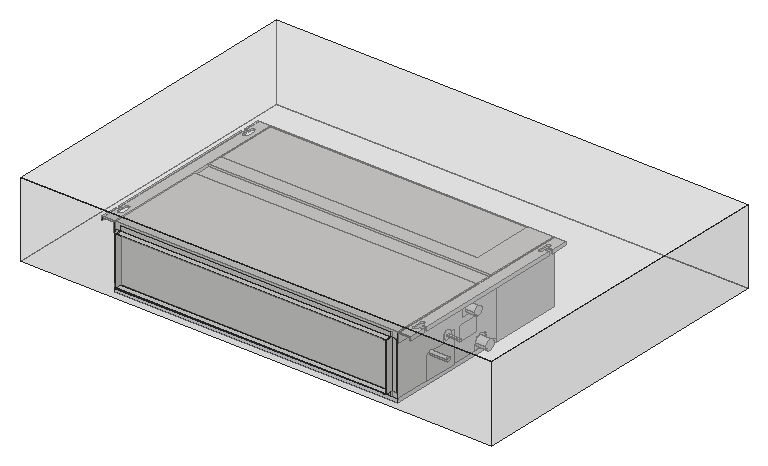
Revit family "outputfile", category 機械設備, Revit 2024
Family settings
  丸型コネクタ寸法 = 半径を使用
  パーツ タイプ = 標準
  OmniClass 番号 = 23.75.10.24.21.27.27
  OmniClass タイトル = Split System Air Conditioning Units
  作業面ベース = いいえ
  常に垂直 = はい
  ロード時にボイドで切り取り = いいえ
  注釈の向きを維持 = いいえ
  共有 = いいえ
  部屋計算ポイント = はい
Parameters (values of type "FXDQ50NDVE4")
  Description = ""
  製造元 = "Daikin"
  書き出し IFC クラス(タイプ) = "IfcUnitaryEquipmentType"
  定義済み IFC タイプ(タイプ) = "AIRCONDITIONINGUNIT"
  Cost = 0
  モデル = "FXDQ50NDVE4"
  Type Comments = ""
  Keynote = ""
  Type Image = (empty or 0)
  Assembly Code = ""
  w_pipe = 33.0 mm
  r_Liquid Pipe Size = Liquid Pipe Size / 2  # 3.2 mm
  r_Gas Pipe Size = Gas Pipe Size / 2  # 6.35 mm
  r_Drain Pipe Size = Drain Pipe Size / 2  # 10.0 mm
  lw_powersupply = 404.0 mm
  lw_ductflange2 = 820.0 mm
  lw_Width = 860.0 mm
  lh_suctionflange [instance] = if(Rear Connection_Return Air, 100.0 mm + [h***], 190.0 mm + [h***])  # 100.0 mm
  ld_suctionflange [instance] = if(Rear Connection_Return Air, 190.0 mm, 100.0 mm)  # 190.0 mm
  ld_powersupply = 60.0 mm
  angle_vertical_RA [instance] = if(Rear Connection_Return Air, 90.00°, 0.00°)  # 90.00°
  angle horizontal_RA [instance] = if(Rear Connection_Return Air, 180.00°, 270.00°)  # 180.00°
  Voltage_comment_60Hz = "220"
  Voltage_comment_50Hz = "220-240"
  Voltage_60Hz = 220 V
  Voltage_50Hz = 220 V
  URL = ""
  Supply Air Direction [instance] = yes
  Sound Power Level_H speed (dB) = 58
  Rear Connection_Return Air [instance] = not(Bottom Connection_Return Air)  # yes
  RA_length = 190.0 mm  # constant formula
  Phase_60Hz = 1
  Phase_50Hz = 1
  Minimum External Static Pressure = 15.00 Pa
  Minimum Circuit Amps_60Hz = 1.3 A
  Minimum Circuit Amps_50Hz = 1.0 A
  Maximum Fuse Amps_60Hz = 16.0 A
  Maximum Fuse Amps_50Hz = 16.0 A
  Maximum External Static Pressure = 44.00 Pa
  Material_Casing = DAIKIN_GalvanizedSteel_Casing_indoorunit
  lw_liquidpipe = 46.0 mm  # constant formula
  lw_gaspipe = 57.0 mm  # constant formula
  lw_mountinghole_pitch = 940.0 mm
  lw_mountinghole = 20.0 mm  # constant formula
  lw_drainpipe = 33.0 mm  # constant formula
  lh_powersupply = 10.0 mm
  lh_liquidpipe = 110.0 mm
  lh_gaspipe = 87.0 mm
  lh_mountinghole = Height + [h***]  # 200.0 mm
  lh_drainpipe = 150.0 mm
  lh_antena = 1.0 mm  # constant formula
  ld_liquidpipe = 193.0 mm  # constant formula
  ld_gaspipe = 130.0 mm  # constant formula
  ld_mountinghole_pitch = 0.0 mm  # constant formula
  ld_drainpipe = 280.0 mm
  ld_controlbox = 626.0 mm  # constant formula
  h*** = 0.0 mm  # constant formula
  d_dischargeflange = 21.2 mm  # constant formula
  Width = 900.0 mm
  Version = "ver.1.0"
  Unit Type = "Slim Duct (Standard) Type"
  Unit Mass Weight = 28.00 kg
  Unit Designation [instance] = ""
  Uniclass2015Version = "Products v1.30"
  Uniclass2015Title = "Variable refrigerant flow units"
  Uniclass2015Code = "Pr_70_65_03_94"
  Total Heating Capacity [instance] = 0.000 kW
  Total Cooling Capacity [instance] = 0.000 kW
  Sound Pressure Level_M speed (dBA) = 0
  Sound Pressure Level_L speed (dBA) = 27
  Sound Pressure Level_H speed (dBA) = 33
  Series = "VRV Fan Coil Unit"
  Sensible Cooling Capacity [instance] = 0.000 kW
  SA Duct Size Width = 860.0 mm
  SA Duct Size Height = 153.0 mm
  Refrigerant Type = "R410A"
  RA Duct Size Width = 800.0 mm
  RA Duct Size Height = 180.0 mm
  Power Input (Heating) = 0.152 kW
  Power Input (Cooling) = 0.165 kW
  Option Accessory 3 [instance] = ""
  Option Accessory 2 [instance] = ""
  Option Accessory 1 [instance] = ""
  Nominal Heating Capacity = 6.300 kW
  Nominal Cooling Capacity = 5.600 kW
  Minimum Airflow = 600.00 m³/h
  Median Airflow = 660.00 m³/h
  Maximum Airflow = 750.00 m³/h
  Load Classification = HVAC
  Liquid Pipe Size = 6.4 mm
  Link_Nested Family [instance] = ""
  IfcVersion = "0"
  IfcExportType = "AIRCONDITIONINGUNIT"
  IfcExportAs = "IfcUnitaryEquipmentType"
  Height = 200.0 mm
  Heating Entering Wet Bulb Temperature [instance] = 0.00 °C
  Heating Entering Dry Bulb Temperature [instance] = 0.00 °C
  Heating Ambient Wet Bulb Temperature [instance] = 0.00 °C
  Heating Ambient Dry Bulb Temperature [instance] = 0.00 °C
  Heat Exchanger Type = "Cross Fin Coil"
  Gas Pipe Size = 12.7 mm
  Frequency_60Hz = 60 Hz
  Frequency_50Hz = 50 Hz
  Fan Type = "Sirocco Fan"
  Fan Drive = "Direct Drive"
  FCU Tag No. [instance] = ""
  Drain Pipe Size = 20.0 mm
  Design Supply Airflow [instance] = 0.00 m³/h
  Design Return Airflow [instance] = 0.00 m³/h
  Design External Static Pressure [instance] = 0.00 Pa
  Depth = 620.0 mm
  既定の高さ = 0.0 mm
  Cooling Entering Wet Bulb Temperature [instance] = 0.00 °C
  Cooling Entering Dry Bulb Temperature [instance] = 0.00 °C
  Cooling Ambient Wet Bulb Temperature [instance] = 0.00 °C
  Cooling Ambient Dry Bulb Temperature [instance] = 0.00 °C
  Clearance visibility [instance] = yes
  Clearance Top = 20.0 mm
  Clearance Right = 300.0 mm
  Clearance Rear = 400.0 mm
  Clearance Left = 300.0 mm
  Clearance Front = 0.0 mm
  Clearance Bottom = 20.0 mm
  Bottom Connection_Return Air [instance] = no
Reference planes
  plane 1 "Center (Front/Back)": y = 0
  plane 2: z = 0
  plane 3 "Center (Left/Right)": x = 0
  plane 4 "Back": y = 310
  plane 5 "Front": y = -310
  plane 6 "Left": x = -450
  plane 7 "Right": x = 450
  plane 8 "Top": z = 0
  plane 9 "Bottom": z = -200
  plane 10: x = 330
  plane 11: x = -330
  plane 12: z = -190
  plane 13: z = -6
  plane 14: z = -22
  plane 15: z = -90
  plane 16: z = -113
  plane 17: x = -304
  plane 18: x = 304
  plane 19: x = -470
  plane 20: x = 470
  plane 21: y = 250
  plane 22: y = 250
  plane 23: x = -490
  plane 24: x = 390
  plane 25: x = 496
  plane 26: x = 507
  plane 27: x = 483
  plane 28: z = 0
  plane 29: z = -50
  plane 30 "Clearance Left": x = -750
  plane 31 "Clearance Right": x = 750
  plane 32 "Clearance Rear": y = 710
  plane 33 "Clearance Front": y = -310
  plane 34 "Clearance Top": z = 20
  plane 35 "Clearance Bottom": z = -220
  plane 36: z = -21
  plane 37: z = -170
  plane 38: z = -96.5
  plane 39: x = -40
  plane 40: y = -180
  plane 41: y = -117
  plane 42: y = -30
  plane 43: y = 20
  plane 44: z = -97.5
  plane 45: y = -309
  plane 46: x = -449
  plane 47: z = -100
  plane 48: z = -30
  plane 49: y = 210
  plane 50: z = 301
  plane 51: z = -199
  plane 52: y = 120
  plane 53: z = -101
  plane 54: x = 480
  plane 55: x = 445
  plane 56: x = 455
  plane 57: x = 451
  plane 58: x = 369
  plane 59: x = 449.004
  plane 60: x = -449
  plane 61: x = 404
  plane 62: z = -189
Forms (mm)
  Extrusion 1, solid
    sketch origin (0, 0, 0) x (1, 0, 0) y (0, 0, 1)
      loop
        line (-450, -190) -> (-450, -200) -> (450, -200) -> (450, -190) -> (-450, -190)
    from -84 to 310
  Extrusion 2, solid, material "DAIKIN_GalvanizedSteel_Casing_indoorunit" <- "Material_Casing"
    sketch origin (0, 0, 0) x (1, 0, 0) y (0, 1, 0)
      loop
        line (-450, -309) -> (450, -309) -> (450, 310) -> (-450, 310) -> (-450, -309)
    from -200 to 0
  Extrusion 3, void
    sketch origin (0, 0, 1) x (1, 0, 0) y (0, 1, 0)
      loop
        line (-450, 62.179) -> (-450, 4.179) -> (450, 4.179) -> (450, 62.179) -> (-450, 62.179)
    from -1 to -7
  Extrusion 4, void
    sketch origin (0, 0, 0) x (0, 1, 0) y (0, 0, 1)
      loop
        line (-5, -190) -> (45, -190) -> (45, -170)
        arc (45, -170) -> (20, -145) -> (-5, -170) r 25
        line (-5, -170) -> (-5, -190)
    from 450 to 445
  Revolve 5, solid, material "DAIKIN_GalvanizedSteel_Casing_indoorunit" <- "Material_Casing"
    sketch origin (0, 0, -113) x (0, -1, 0) y (1, 0, 0)
      loop
        line (173.65, 451) -> (180, 451) -> (180, 507) -> (173.65, 507) -> (173.65, 451)
      axis (180, 451) -> (180, 507)
    angle from 0 to 360
  Revolve 6, solid, material "DAIKIN_GalvanizedSteel_Casing_indoorunit" <- "Material_Casing"
    sketch origin (0, 0, -90) x (0, -1, 0) y (1, 0, 0)
      loop
        line (117, 451) -> (117, 496) -> (113.8, 496) -> (113.8, 451) -> (117, 451)
      axis (117, 496) -> (117, 451)
    angle from 0 to 360
  Extrusion 7, solid, material "DAIKIN_GalvanizedSteel_Casing_indoorunit" <- "Material_Casing"
    sketch origin (0, 0, 0) x (0, 1, 0) y (0, 0, 1)
      loop
        circle (-116, -90) r 12.7
    from 450 to 455
  Extrusion 8, solid, material "DAIKIN_GalvanizedSteel_Casing_indoorunit" <- "Material_Casing"
    sketch origin (0, 0, 0) x (0, 1, 0) y (0, 0, 1)
      loop
        circle (20, -170) r 15
    from 480 to 445
  Extrusion 9, solid, material "DAIKIN_GalvanizedSteel_Casing_indoorunit" <- "Material_Casing"
    sketch origin (0, 0, 0) x (0, 1, 0) y (0, 0, 1)
      loop
        line (-52, -30) -> (-52, -70) -> (-11, -70) -> (-11, -30) -> (-52, -30)
    from 450 to 451
  Extrusion 10, solid, material "DAIKIN_GalvanizedSteel_Casing_indoorunit" <- "Material_Casing"
    sketch origin (0, 0, 0) x (0, 1, 0) y (0, 0, 1)
      loop
        circle (-30, -50.064) r 13
    from 450 to 483
  Extrusion 11, solid, material "DAIKIN_GalvanizedSteel_Casing_indoorunit" <- "Material_Casing"
    sketch origin (0, 0, 0) x (0, 1, 0) y (0, 0, 1)
      loop
        line (-63.609, -90) -> (-63.609, -136) -> (0.391, -136) -> (0.391, -90) -> (-63.609, -90)
    from 450 to 451
  Extrusion 12, solid, material "DAIKIN_GalvanizedSteel_Casing_indoorunit" <- "Material_Casing"
    sketch origin (0, 0, 0) x (1, 0, 0) y (0, 0, 1)
      loop
        line (-450, -190) -> (-450, -200) -> (450, -200) -> (450, -190) -> (-450, -190)
    from -84 to 310
  Extrusion 13, solid, material "DAIKIN_GalvanizedSteel_Casing_indoorunit" <- "Material_Casing", visible <- "Bottom Connection_Return Air"
    sketch origin (0, 0, 0) x (1, 0, 0) y (0, 0, 1)
      loop
        line (369, -200) -> (369, -1) -> (-449, -1) -> (-449, -200) -> (369, -200)
    from -310 to -309
  Extrusion 14, void
    sketch origin (0, 0, 0) x (1, 0, 0) y (0, 0, 1)
      loop
        line (369, 0) -> (-449, 0) -> (-449, -1) -> (369, -1) -> (369, 0)
    from -310 to -111
  Extrusion 15, solid, material "DAIKIN_GalvanizedSteel_Casing_indoorunit" <- "Material_Casing", visible <- "Rear Connection_Return Air"
    sketch origin (0, 0, 0) x (1, 0, 0) y (0, 1, 0)
      loop
        line (-449, 310) -> (-449, 111) -> (369, 111) -> (369, 310) -> (-449, 310)
    from -200 to -199
  Extrusion 16, solid, material "DAIKIN_GalvanizedSteel_Casing_indoorunit" <- "Material_Casing"
    sketch origin (0, 0, 0) x (0, 1, 0) y (0, 0, 1)
      loop
        line (-194, -113) -> (-194, -190) -> (-88.3, -190) -> (-88.3, -90) -> (-103.3, -90)
        arc (-103.3, -90) -> (-116, -102.7) -> (-128.7, -90) r 12.7
        line (-128.7, -90) -> (-128.7, -113) -> (-173.65, -113)
        arc (-173.65, -113) -> (-180, -119.35) -> (-186.35, -113) r 6.35
        line (-186.35, -113) -> (-194, -113)
    from 451 to 450
  Extrusion 17, solid, material "DAIKIN_GalvanizedSteel_Casing_indoorunit" <- "Material_Casing"
    sketch origin (0, 0, 0) x (0, 1, 0) y (0, 0, 1)
      loop
        line (84, -199) -> (310, -199) -> (310, -22) -> (91, -22) -> (84, -29) -> (84, -199)
    from 451 to 450
Cuts and joins
  Extrusion 3, Extrusion 4, Extrusion 14 cuts Extrusion 2
  Extrusion 4 cuts Extrusion 1
  Extrusion 14 cuts Extrusion 12
Dimensions and locks
  "lh_powersupply": plane 12 to plane 9 "Bottom"
  locked: plane 8 "Top" to plane 13 at 6
  "Height": plane 8 "Top" to plane 9 "Bottom"
  equal spacing: plane 17, plane 3 "Center (Left/Right)", plane 18, locked at 304 each
  locked: plane 17 to plane 18 at 608
  equal spacing: plane 19, plane 3 "Center (Left/Right)", plane 20
  "lw_mountinghole_pitch": plane 19 to plane 20
  locked: plane 14 to plane 9 "Bottom" at 178
  "lw_mountinghole": plane 23 to plane 19
  "lh_liquidpipe": plane 15 to plane 9 "Bottom"
  "lh_gaspipe": plane 16 to plane 9 "Bottom"
  "lh_mountinghole": plane 28 to plane 9 "Bottom"
  "ld_mountinghole_pitch": plane 22 to plane 21
  equal spacing: plane 6 "Left", plane 3 "Center (Left/Right)", plane 7 "Right"
  "Width": plane 6 "Left" to plane 7 "Right"
  "lh_drainpipe": plane 29 to plane 9 "Bottom"
  "Clearance Right": plane 7 "Right" to plane 31 "Clearance Right"
  "Clearance Left": plane 30 "Clearance Left" to plane 6 "Left"
  "lw_gaspipe": plane 7 "Right" to plane 26
  "lw_liquidpipe": plane 7 "Right" to plane 25
  "lw_drainpipe": plane 7 "Right" to plane 27
  "Clearance Rear": plane 32 "Clearance Rear" to plane 4 "Back"
  "Clearance Front": plane 5 "Front" to plane 33 "Clearance Front"
  "Clearance Top": plane 34 "Clearance Top" to plane 8 "Top"
  "Clearance Bottom": plane 9 "Bottom" to plane 35 "Clearance Bottom"
  "ld_powersupply": plane 4 "Back" to plane 22
  locked: plane 8 "Top" to plane 36 at 21
  locked: plane 8 "Top" to plane 37 at 170
  locked: plane 40 to plane 41 at 63
  locked: plane 38 to plane 9 "Bottom" at 103.5
  locked: plane 36 to plane 44 at 76.5
  "Depth": plane 4 "Back" to plane 5 "Front"
  equal spacing: plane 4 "Back", plane 1 "Center (Front/Back)", plane 5 "Front"
  locked: plane 45 to plane 5 "Front" at 1
  locked: plane 46 to plane 6 "Left" at 1
  Extrusion 13 sketch curve to Extrusion 13 sketch curve = 199.0 mm
  nested 11 to plane 39 = 400.0 mm
  locked: plane 12 to plane 47 at 90
  plane 32 "Clearance Rear" to Extrusion 13 = 401.0 mm
  locked: plane 48 to plane 35 "Clearance Bottom" at 190
  plane 49 to nested 12 = 90.0 mm
  plane 50 to plane 28 = 301.0 mm
  locked: plane 51 to plane 9 "Bottom" at 1
  "ld_suctionflange": plane 4 "Back" to plane 52
  locked: plane 53 to plane 9 "Bottom" at 99
  locked: plane 7 "Right" to plane 54 at 30
  locked: plane 55 to plane 7 "Right" at 5
  locked: plane 7 "Right" to plane 56 at 5
  locked: plane 7 "Right" to plane 57 at 1
  plane 7 "Right" to plane 58 = 81.0 mm
  locked: plane 7 "Right" to plane 59 at 0.996
  locked: plane 60 to plane 6 "Left" at 1
  "lw_powersupply": plane 3 "Center (Left/Right)" to plane 61
  "r_Gas Pipe Size": nested 6 to Revolve 5 sketch curve
  "r_Liquid Pipe Size": nested 5 to Revolve 6 sketch curve
  locked: plane 62 to plane 9 "Bottom" at 11
  aligned and locked: level to plane 2
  aligned and locked: Extrusion 2 to plane 9 "Bottom"
  aligned and locked: plane 8 "Top" to Extrusion 2
  aligned and locked: Revolve 5 sketch curve to Revolve 5 sketch curve
  aligned and locked: plane 15 to Extrusion 7 sketch curve
  aligned and locked: cut or joined group of Extrusion 1, Extrusion 4 to plane 9 "Bottom"
  aligned and locked: plane 27 to Extrusion 10
  aligned and locked: plane 25 to nested 5
  aligned and locked: nested 5 to plane 15
  aligned and locked: nested 1 to plane 22
  aligned and locked: plane 20 to nested 2
  aligned and locked: plane 19 to nested 3
  aligned and locked: plane 22 to nested 4
  aligned and locked: nested 4 to plane 22
  aligned and locked: plane 19 to nested 4
  aligned and locked: nested 7 to plane 29
  aligned and locked: Extrusion 10 to nested 7
  aligned and locked: plane 27 to nested 7
  aligned and locked: nested 10 to plane 12
  aligned and locked: Extrusion 12 to plane 5 "Front"
  aligned and locked: Extrusion 12 to plane 9 "Bottom"
  aligned and locked: nested 6 to plane 16
  aligned and locked: plane 40 to nested 6
  aligned and locked: plane 41 to nested 5
  aligned and locked: plane 42 to nested 7
  aligned and locked: Extrusion 8 sketch curve to plane 43
  aligned and locked: plane 4 "Back" to Extrusion 14
  aligned and locked: Extrusion 15 to nested 12
  aligned and locked: plane 8 "Top" to Extrusion 3
  aligned and locked: Extrusion 13 to cut or joined group of Extrusion 2, Extrusion 3, Extrusion 4, Extrusion 14
  aligned and locked: plane 9 "Bottom" to Extrusion 15  (x2)
  aligned and locked: Extrusion 15 to plane 51
  aligned and locked: plane 4 "Back" to nested 11
  aligned and locked: Extrusion 14 to level
  aligned and locked: plane 32 "Clearance Rear" to nested 13
  aligned and locked: plane 31 "Clearance Right" to nested 13
  aligned and locked: plane 30 "Clearance Left" to nested 13
  aligned and locked: nested 13 to plane 33 "Clearance Front"
  aligned and locked: nested 13 to plane 34 "Clearance Top"
  aligned and locked: nested 13 to plane 35 "Clearance Bottom"
  aligned and locked: plane 7 "Right" to Extrusion 16  (x2)
  aligned and locked: plane 4 "Back" to Extrusion 17
  aligned and locked: Extrusion 17 to plane 51
  aligned and locked: plane 7 "Right" to Extrusion 17  (x2)
  aligned and locked: Extrusion 16 to Revolve 5 sketch curve
  aligned and locked: Extrusion 3 to plane 13
  aligned and locked: plane 52 to nested 14
  aligned and locked: nested 12 to Extrusion 14
  aligned and locked: Extrusion 11 to plane 7 "Right"
  aligned and locked: Extrusion 7 to plane 7 "Right"
  aligned and locked: plane 7 "Right" to cut or joined group of Extrusion 2, Extrusion 3, Extrusion 4, Extrusion 14  (x2)
  aligned and locked: cut or joined group of Extrusion 2, Extrusion 3, Extrusion 4, Extrusion 14 to plane 55
  aligned and locked: Extrusion 8 to plane 55
  aligned and locked: plane 54 to Extrusion 8
  aligned and locked: plane 56 to Extrusion 7
  aligned and locked: plane 57 to Extrusion 17
  aligned and locked: Extrusion 16 to plane 57
  aligned and locked: Extrusion 11 to plane 57
  aligned and locked: plane 26 to nested 6
  aligned and locked: Extrusion 9 to plane 57
  aligned and locked: Extrusion 9 to plane 7 "Right"
  aligned and locked: Extrusion 10 to plane 7 "Right"
  aligned and locked: plane 58 to Extrusion 14 sketch curve
  aligned and locked: Extrusion 13 sketch curve to plane 58
  aligned and locked: plane 3 "Center (Left/Right)" to nested 15
  aligned and locked: Extrusion 15 to plane 58
  aligned and locked: plane 6 "Left" to nested 11
  aligned and locked: plane 8 "Top" to nested 15
  aligned and locked: plane 4 "Back" to nested 15
  aligned and locked: cut or joined group of Extrusion 2, Extrusion 3, Extrusion 4, Extrusion 14 to plane 45
  aligned and locked: nested 10 to plane 61
  aligned and locked: plane 20 to nested 1
  aligned and locked: nested 12 to plane 58
  aligned and locked: nested 9 to plane 1 "Center (Front/Back)"
  aligned and locked: plane 3 "Center (Left/Right)" to nested 9
  aligned and locked: plane 51 to nested 12
  aligned and locked: nested 11 to plane 51
  aligned and locked: nested 16 to plane 62
  aligned and locked: plane 13 to nested 16
  aligned and locked: plane 45 to nested 16
  aligned and locked: level to plane 8 "Top"
Automatic sketch dimensions
  Extrusion 1 sketch curve to plane 6 "Left" = 0.0 mm
  Extrusion 1 sketch curve to plane 7 "Right" = 0.0 mm
  Extrusion 1 sketch curve to plane 9 "Bottom" = 0.0 mm
  Extrusion 1 sketch curve to plane 12 = 0.0 mm
  Extrusion 2 sketch curve to plane 4 "Back" = 0.0 mm
  Extrusion 2 sketch curve to plane 6 "Left" = 0.0 mm
  Extrusion 2 sketch curve to plane 7 "Right" = 0.0 mm
  Extrusion 2 sketch curve to plane 45 = 0.0 mm
  Extrusion 3 sketch curve to plane 6 "Left" = 0.0 mm
  Extrusion 3 sketch curve to plane 7 "Right" = 0.0 mm
  Extrusion 3 sketch curve to plane 1 "Center (Front/Back)" = 4.179 mm
  plane 43 to Extrusion 3 sketch curve = 42.179 mm
  Extrusion 4 sketch curve to plane 37 = 0.0 mm
  Extrusion 4 sketch curve to plane 12 = 0.0 mm
  Extrusion 4 sketch curve to plane 43 = 0.0 mm
  plane 1 "Center (Front/Back)" to Extrusion 4 sketch curve = 5.0 mm
  plane 41 to Extrusion 7 sketch curve = 1.0 mm
  Extrusion 8 sketch curve to plane 37 = 0.0 mm
  Extrusion 9 sketch curve to plane 42 = 22.0 mm
  plane 1 "Center (Front/Back)" to Extrusion 9 sketch curve = 11.0 mm
  plane 15 to Extrusion 9 sketch curve = 20.0 mm
  Extrusion 9 sketch curve to plane 14 = 8.0 mm
  Extrusion 10 sketch curve to plane 42 = 0.0 mm
  Extrusion 10 sketch curve to plane 29 = 0.064 mm
  plane 15 to Extrusion 11 sketch curve = 0.0 mm
  Extrusion 11 sketch curve to plane 42 = 33.609 mm
  Extrusion 11 sketch curve to plane 1 "Center (Front/Back)" = 0.391 mm
  Extrusion 11 sketch curve to plane 16 = 23.0 mm
  Extrusion 12 sketch curve to plane 6 "Left" = 0.0 mm
  Extrusion 12 sketch curve to plane 7 "Right" = 0.0 mm
  Extrusion 12 sketch curve to plane 9 "Bottom" = 0.0 mm
  Extrusion 12 sketch curve to plane 12 = 0.0 mm
  plane 46 to Extrusion 13 sketch curve = 0.0 mm
  plane 46 to Extrusion 14 sketch curve = 0.0 mm
  Extrusion 14 sketch curve to plane 8 "Top" = 1.0 mm
  Extrusion 15 sketch curve to plane 46 = 0.0 mm
  Extrusion 15 sketch curve to plane 4 "Back" = 0.0 mm
  plane 18 to Extrusion 15 sketch curve = 65.0 mm
  plane 43 to Extrusion 15 sketch curve = 91.0 mm
  plane 35 "Clearance Bottom" to Extrusion 14 sketch curve = 220.0 mm
  Extrusion 13 sketch curve to plane 51 = 1.0 mm
  Extrusion 16 sketch curve to plane 12 = 0.0 mm
  Extrusion 16 sketch curve to plane 16 = 0.0 mm
  Extrusion 16 sketch curve to plane 40 = 0.0 mm
  Extrusion 16 sketch curve to plane 15 = 0.0 mm
  Extrusion 16 sketch curve to Extrusion 16 sketch curve = 6.35 mm
  Extrusion 16 sketch curve to Extrusion 16 sketch curve = 7.65 mm
  Extrusion 16 sketch curve to plane 41 = 11.7 mm
  plane 41 to Extrusion 16 sketch curve = 1.0 mm
  Extrusion 16 sketch curve to Extrusion 16 sketch curve = 27.7 mm
  Extrusion 17 sketch curve to plane 51 = 0.0 mm
  Extrusion 17 sketch curve to plane 14 = 0.0 mm
  plane 48 to Extrusion 17 sketch curve = 1.0 mm
  plane 43 to Extrusion 17 sketch curve = 64.0 mm
  Extrusion 17 sketch curve to Extrusion 17 sketch curve = 7.0 mm
  Extrusion 17 sketch curve to plane 4 "Back" = 0.0 mm
  Revolve 5 sketch curve to plane 26 = 0.0 mm
  Revolve 5 sketch curve to plane 40 = 0.0 mm
  Revolve 5 sketch curve to Revolve 5 sketch curve = 1.003 mm
  plane 26 to Revolve 5 sketch curve = 1.003 mm
  Revolve 6 sketch curve to plane 41 = 0.0 mm  (x2)
  Revolve 6 sketch curve to plane 25 = 0.0 mm  (x2)
  Revolve 6 sketch curve to plane 57 = 0.0 mm  (x2)
  radius of Extrusion 7 sketch curve = 12.7 mm
  radius of Extrusion 8 sketch curve = 15.0 mm
  radius of Extrusion 10 sketch curve = 13.0 mm
Nested families
  nested 1: "daikin_mountinghole" at (470, 250, -200), l_antenna <- "lh_antena", Link_Nested Family <- "Link_Nested Family", h_mountinghole <- "lh_mountinghole", type "daikin_mountinghole"
    with show yes, l_antenna 1.0 mm, h_mountinghole 200.0 mm, Link_Nested Family ""
  nested 2: "daikin_mountinghole" at (470, -250, -200), Link_Nested Family <- "Link_Nested Family", l_antenna <- "lh_antena", h_mountinghole <- "lh_mountinghole", type "daikin_mountinghole"
    with show yes, l_antenna 1.0 mm, h_mountinghole 200.0 mm, Link_Nested Family ""
  nested 3: "daikin_mountinghole" at (-470, -250, -200), l_antenna <- "lh_antena", Link_Nested Family <- "Link_Nested Family", h_mountinghole <- "lh_mountinghole", type "daikin_mountinghole"
    with show yes, l_antenna 1.0 mm, h_mountinghole 200.0 mm, Link_Nested Family ""
  nested 4: "daikin_mountinghole" at (-470, 250, -200), l_antenna <- "lh_antena", Link_Nested Family <- "Link_Nested Family", h_mountinghole <- "lh_mountinghole", type "daikin_mountinghole"
    with show yes, l_antenna 1.0 mm, h_mountinghole 200.0 mm, Link_Nested Family ""
  nested 5: "daikin_connector_rotate2" at (450, -117, -90) x (0, 1, 0) z (0, 0, 1), length <- "lw_liquidpipe", built-in parameter 1001364 <- "lh_liquidpipe", radius <- "r_Liquid Pipe Size", type "daikin_connector_rotate2"
    with radius 3.2 mm, length 46.0 mm, angle_vertical 90.00°
  nested 6: "daikin_connector_rotate2" at (450, -180, -113) x (0, 1, 0) z (0, 0, 1), length <- "lw_gaspipe", built-in parameter 1001364 <- "lh_gaspipe", radius <- "r_Gas Pipe Size", type "daikin_connector_rotate2"
    with radius 6.35 mm, length 57.0 mm, angle_vertical 90.00°
  nested 7: "daikin_connector_rotate2" at (450, -30, -50) x (0, 1, 0) z (0, 0, 1), built-in parameter 1001364 <- "lh_drainpipe", length <- "lw_drainpipe", radius <- "r_Drain Pipe Size", type "daikin_connector_rotate2"
    with radius 10.0 mm, length 33.0 mm, angle_vertical 90.00°
  nested 8: "daikin_connector_rotate2" at (0, -309, -97.5), length <- "d_dischargeflange", type "daikin_connector_rotate2"
    with radius 10.0 mm, length 21.2 mm, angle_vertical 90.00°
  nested 9: "daikin_△_symbolicline" at (-75, -129.904, 200) x (-0.5, 0.866, 0) z (0, 0, 1), built-in parameter 1001364 <- "Height", visible <- "Supply Air Direction", type "daikin_△_symbolicline"
    with length 300.0 mm
  nested 10: "daikin_connector_rotate2" at (404, 250, -190) x (-1, 0, 0) z (0, 0, 1), built-in parameter 1001364 <- "lw_powersupply", length <- "ld_powersupply", type "daikin_connector_rotate2"
    with radius 10.0 mm, length 60.0 mm, angle_vertical 90.00°
  nested 11: "daikin_ductflange_FXDQ-NDVE4_2" at (-40, 310, -100), visible <- "Rear Connection_Return Air", material <- "Material_Casing", width <- "lw_ductflange2", type "daikin_ductflange_FXDQ-NDVE4_2"
    with width 820.0 mm, material DAIKIN_GalvanizedSteel_Casing_indoorunit, height 180.0 mm, depth 21.2 mm
  nested 12: "daikin_ductflange_FXDQ-NDVE4_2" at (-40, 210, -200) x (1, 0, 0) z (0, 1, 0), visible <- "Bottom Connection_Return Air", material <- "Material_Casing", width <- "lw_ductflange2", type "daikin_ductflange_FXDQ-NDVE4_2"
    with width 820.0 mm, material DAIKIN_GalvanizedSteel_Casing_indoorunit, height 180.0 mm, depth 21.2 mm
  nested 13: "daikin_clearancespace" at (0, 200, -99.881), visible <- "Clearance visibility", show <- "Clearance visibility", Link_Nested Family <- "Link_Nested Family", type "daikin_clearancespace"
    with width 1500.0 mm, show yes, height 240.0 mm, depth 1020.0 mm, Link_Nested Family ""
  nested 14: "daikin_connector_rotate3" at (-40, 120, -100), built-in parameter 1001364 <- "lh_suctionflange", angle_vertical <- "angle_vertical_RA", angle_horizontal <- "angle horizontal_RA", length <- "RA_length", type "daikin_connector_rotate3"
    with show no, radius 10.0 mm, length 190.0 mm, angle_vertical 90.00°, angle_horizontal 180.00°
  nested 15: "daikin_hangerfixture_FXDQ-NDVE4" at (0, 0.5, 0), type "daikin_hangerfixture_FXDQ-NDVE4"
  nested 16: "daikin_ductflange_FXDQ-NDVE4_1" at (0, 4.5, -364.201), material <- "Material_Casing", width <- "lw_Width", type "daikin_ductflange_FXDQ-NDVE4_1"
    with width 860.0 mm, material DAIKIN_GalvanizedSteel_Casing_indoorunit, height 155.0 mm, depth 21.2 mm
Connectors
  piping at (507, -180, -113), diameter 12.7, driven by "r_Gas Pipe Size"
    settings: on nested 6, index 1, connector inside diameter 609.6 mm, connector length 0.0 mm, flow factor 0, pipe flow 0.00 m³/h, pressure drop 0.0 Pa, fitting loss kfactor 0, connector angle 0.00°, fixture units 0, engagement length 0.0 mm, angle of deflection 0.00°, flow configuration 1, flow direction 2, fitting loss method 0, system type 29, joint type 0, gender type 0, connector reference index -1, connector utility 0, adjustable connector no, is connector primary yes, connector description "Refrigerant Gas Piping"
  piping at (496, -117, -90), diameter 6.4, driven by "r_Liquid Pipe Size"
    settings: on nested 5, index 2, connector inside diameter 609.6 mm, connector length 0.0 mm, flow factor 0, pipe flow 0.00 m³/h, pressure drop 0.0 Pa, fitting loss kfactor 0, connector angle 0.00°, fixture units 0, engagement length 0.0 mm, angle of deflection 0.00°, flow configuration 1, flow direction 1, fitting loss method 0, system type 29, joint type 0, gender type 0, connector reference index -1, connector utility 0, adjustable connector no, is connector primary no, connector description "Refrigerant Liquid Piping"
  piping at (483, -30, -50), diameter 20, driven by "r_Drain Pipe Size"
    settings: on nested 7, index 3, connector inside diameter 609.6 mm, connector length 0.0 mm, flow factor 0, pipe flow 0.00 m³/h, pressure drop 0.0 Pa, fitting loss kfactor 0, connector angle 0.00°, fixture units 0, engagement length 0.0 mm, angle of deflection 0.00°, flow configuration 1, flow direction 2, fitting loss method 4, system type 16, joint type 0, gender type 0, connector reference index -1, connector utility 0, adjustable connector no, is connector primary no, connector description "Condensate Drain Piping"
  hvac at (0, -330.2, -97.5), driven by "SA Duct Size Height", driven by "SA Duct Size Width"
    settings: on nested 8, index 7, duct flow 0.00 m³/h, flow factor 0, pres drop 0.00 Pa, loss coef 0, conn angle 0.00°, conn width 860.0 mm, conn height 153.0 mm, conn diameter 609.6 mm, duct sys type 1, conn prof type 1, flow config 0, flow direction 2, loss method 4, conn ref index -1, conn util no, is conn primary yes, conn desc "SA Duct"
  electrical at (404, 310, -190), driven by "Load Classification"
    settings: on nested 10, index 9, voltage 0 V, apparent load 0 VA, apparent load phase1 0 VA, apparent load phase2 0 VA, apparent load phase3 0 VA, power factor 1, load classification "HVAC", number of poles 1, system type 30, power factor state 1, is connector primary yes, connector utility no, sub classification motor no, connector description "Power Supply"
  hvac at (-40, 310, -100), driven by "RA Duct Size Height", driven by "RA Duct Size Width"
    settings: on nested 14, index 10, duct flow 0.00 m³/h, flow factor 0, pres drop 0.00 Pa, loss coef 0, conn angle 0.00°, conn width 800.0 mm, conn height 180.0 mm, conn diameter 609.6 mm, duct sys type 2, conn prof type 1, flow config 0, flow direction 1, loss method 4, conn ref index -1, conn util no, is conn primary no, conn desc "RA Duct"
Definition of nested family "daikin_ductflange_FXDQ-NDVE4_2"
  Parameters (values of type "daikin_ductflange_FXDQ-PDVE2")
    width [instance] = 620.0 mm
    material [instance] = none
    height [instance] = 180.0 mm
    depth [instance] = 21.2 mm
    Default Elevation = 0.0 mm
  Reference planes
    plane 1 "Center (Front/Back)": y = 0
    plane 2: z = 0
    plane 3 "Center (Left/Right)": x = 0
    plane 4: y = -313.5
    plane 5: y = -334.7
    plane 6: x = -310
    plane 7: x = 310
    plane 8: z = 90
    plane 9: z = -90
    plane 10: z = 100
    plane 11: z = -100
    plane 12: x = -309
    plane 13: x = 309
  Forms (mm)
    Extrusion 1, solid, material <- "material"
      sketch origin (0, 0, 0) x (1, 0, 0) y (0, 0, 1)
        loop
          line (-300, 90) -> (-300, -90) -> (300, -90) -> (300, 90) -> (-300, 90)
        loop
          line (-309, -99) -> (309, -99) -> (309, 99) -> (-309, 99) -> (-309, -99)
      from 0 to 1
  Dimensions and locks
    plane 4 to plane 1 "Center (Front/Back)" = 313.5 mm
    "depth": plane 5 to plane 4
    equal spacing: plane 7, plane 3 "Center (Left/Right)", plane 6, locked at 310 each
    "width": plane 7 to plane 6
    equal spacing: plane 8, level, plane 9, locked at 90 each
    "height": plane 8 to plane 9
    equal spacing: plane 10, level, plane 11, locked at 100 each
    locked: plane 10 to plane 11 at 200
    plane 12 to plane 6 = 1.0 mm
    locked: plane 7 to plane 13 at 1
    locked: Extrusion 1 sketch curve to Extrusion 1 sketch curve at 9  (x4)
    locked: plane 10 to Extrusion 1 sketch curve at 1
    locked: Extrusion 1 sketch curve to plane 11 at 1
    aligned and locked: level to plane 2
  Automatic sketch dimensions
    plane 6 to Extrusion 1 sketch curve = 1.0 mm
    Extrusion 1 sketch curve to plane 7 = 1.0 mm
Definition of nested family "daikin_clearancespace"
  Parameters (values of type "daikin_clearancespace")
    width [instance] = 1823.963 mm
    show [instance] = yes
    material = none
    height [instance] = 1359.762 mm
    depth [instance] = 880.0 mm
    Default Elevation = 0.0 mm
    Link_Nested Family [instance] = ""
  Reference planes
    plane 1 "Center (Front/Back)": y = 0
    plane 2 "Center (Elevation)": z = -0.119
    plane 3 "Center (Left/Right)": x = 0
    plane 4: y = 440
    plane 5: y = -440
    plane 6 "Right": x = 911.982
    plane 7 "Left": x = -911.982
    plane 8 "Top": z = 679.762
    plane 9 "Bottom": z = -680
  Forms (mm)
    Extrusion 1, solid, material <- "material", visible <- "show"
      sketch origin (0, 0, 0) x (1, 0, 0) y (0, 1, 0)
        loop
          line (-911.982, 440) -> (-911.982, -440) -> (911.982, -440) -> (911.982, 440) -> (-911.982, 440)
      from -680 to 679.762
  Lines and regions (mm)
    symbolic lines, visible <- "show"
      curve 1: line (911.982, 440, 0) -> (-911.982, 440, 0)
      curve 2: line (-911.982, 440, 0) -> (-911.982, -440, 0)
      curve 3: line (-911.982, -440, 0) -> (911.982, -440, 0)
      curve 4: line (911.982, -440, 0) -> (911.982, 440, 0)
      curve 5: line (911.982, 0, 679.762) -> (-911.982, 0, 679.762)
      curve 6: line (911.982, 0, -680) -> (911.982, 0, 679.762)
      curve 7: line (-911.982, 0, -680) -> (911.982, 0, -680)
      curve 8: line (-911.982, 0, 679.762) -> (-911.982, 0, -680)
      curve 9: line (0, 440, 679.762) -> (0, -440, 679.762)
      curve 10: line (0, -440, 679.762) -> (0, -440, -680)
      curve 11: line (0, 440, -680) -> (0, 440, 679.762)
      curve 12: line (0, -440, -680) -> (0, 440, -680)
  Dimensions and locks
    "width": plane 7 "Left" to plane 6 "Right"
    "depth": plane 4 to plane 5
    "height": plane 8 "Top" to plane 9 "Bottom"
    equal spacing: plane 7 "Left", plane 3 "Center (Left/Right)", plane 6 "Right"
    equal spacing: plane 4, plane 1 "Center (Front/Back)", plane 5
    equal spacing: plane 8 "Top", plane 2 "Center (Elevation)", plane 9 "Bottom"
    aligned and locked: level to plane 2 "Center (Elevation)"
    aligned and locked: Extrusion 1 sketch curve to plane 4
    aligned and locked: plane 7 "Left" to Extrusion 1 sketch curve
    aligned and locked: Extrusion 1 sketch curve to plane 5
    aligned and locked: Extrusion 1 sketch curve to plane 6 "Right"
    aligned and locked: plane 8 "Top" to Extrusion 1
    aligned and locked: curve 1 to Extrusion 1
    aligned and locked: curve 2 to Extrusion 1
    aligned and locked: curve 3 to Extrusion 1
    aligned and locked: curve 4 to Extrusion 1
    aligned and locked: curve 5 to Extrusion 1
    aligned and locked: curve 6 to Extrusion 1
    aligned and locked: curve 7 to Extrusion 1
    aligned and locked: curve 8 to Extrusion 1
    aligned and locked: curve 9 to Extrusion 1
    aligned and locked: curve 10 to Extrusion 1
    aligned and locked: curve 11 to Extrusion 1
    aligned and locked: curve 12 to Extrusion 1
    aligned and locked: Extrusion 1 to plane 9 "Bottom"
Definition of nested family "daikin_hangerfixture_FXDQ-NDVE4"
  Parameters (values of type "daikin_hangerfixture_FXDQ-PDVE")
    width = 900.0 mm
    material = none
    height = 30.0 mm
    depth = 619.0 mm
    Default Elevation = 0.0 mm
  Reference planes
    plane 1 "Center (Front/Back)": y = 0
    plane 2: z = 0
    plane 3 "Center (Left/Right)": x = 0
    plane 4: x = 450
    plane 5: y = 309.5
    plane 6: y = -309.5
    plane 7: x = -450
    plane 8: z = -30
  Forms (mm)
    Extrusion 1, solid, material <- "material"
      sketch origin (0, 0, 0) x (1, 0, 0) y (0, 0, 1)
        loop
          line (450, 0) -> (450, -30) -> (452.3, -30) -> (452.3, -2.3) -> (487.7, -2.3) -> (487.7, -10) -> (490, -10) -> (490, 0) -> (450, 0)
      from -309.5 to 309.5
    Extrusion 2, void
      sketch origin (0, 0, 0) x (0, 1, 0) y (0, 0, 1)
        loop
          line (309.5, -30) -> (309.5, -17.979) -> (87.935, -17.979) -> (75.914, -30) -> (309.5, -30)
      from 0 to 550
    Extrusion 3, void
      sketch origin (0, 0, 0) x (1, 0, 0) y (0, 1, 0)
        loop
          line (490, -244) -> (477, -244) -> (477, -237.5)
          arc (477, -237.5) -> (470, -230.5) -> (463, -237.5) r 7
          line (463, -237.5) -> (463, -263.5)
          arc (463, -263.5) -> (470, -270.5) -> (477, -263.5) r 7
          line (477, -263.5) -> (477, -257) -> (490, -257) -> (490, -244)
        loop
          line (490, 243) -> (490, 256) -> (477, 256) -> (477, 262.5)
          arc (477, 262.5) -> (470, 269.5) -> (463, 262.5) r 7
          line (463, 262.5) -> (463, 236.5)
          arc (463, 236.5) -> (470, 229.5) -> (477, 236.5) r 7
          line (477, 236.5) -> (477, 243) -> (490, 243)
      from -254.96 to 618
    Extrusion 4, solid, material <- "material"
      sketch origin (0, 0, 0) x (-1, 0, 0) y (0, 0, -1)
        loop
          line (450, 0) -> (490, 0) -> (490, 10) -> (487.7, 10) -> (487.7, 2.3) -> (452.3, 2.3) -> (452.3, 30) -> (450, 30) -> (450, 0)
      from -309.5 to 309.5
    Extrusion 5, void
      sketch origin (0, 0, 0) x (-1, 0, 0) y (0, -1, 0)
        loop
          line (490, 244) -> (490, 257) -> (477, 257) -> (477, 263.5)
          arc (477, 263.5) -> (470, 270.5) -> (463, 263.5) r 7
          line (463, 263.5) -> (463, 237.5)
          arc (463, 237.5) -> (470, 230.5) -> (477, 237.5) r 7
          line (477, 237.5) -> (477, 244) -> (490, 244)
        loop
          line (490, -243) -> (477, -243) -> (477, -236.5)
          arc (477, -236.5) -> (470, -229.5) -> (463, -236.5) r 7
          line (463, -236.5) -> (463, -262.5)
          arc (463, -262.5) -> (470, -269.5) -> (477, -262.5) r 7
          line (477, -262.5) -> (477, -256) -> (490, -256) -> (490, -243)
      from -254.96 to 618
  Cuts and joins
    Extrusion 2, Extrusion 3, Extrusion 5 cuts Extrusion 1
    Extrusion 5 cuts Extrusion 4
  Dimensions and locks
    equal spacing: plane 5, plane 1 "Center (Front/Back)", plane 6
    "depth": plane 5 to plane 6
    plane 6 to plane 1 "Center (Front/Back)" to plane 5 = 309.5 mm, 309.5 mm
    equal spacing: plane 4, plane 3 "Center (Left/Right)", plane 7
    "width": plane 4 to plane 7
    "height": level to plane 8
    locked: plane 4 to Extrusion 2 at 100
    aligned and locked: level to plane 2
    aligned and locked: plane 5 to Extrusion 1
    aligned and locked: Extrusion 1 to plane 6
    aligned and locked: Extrusion 1 to plane 4
    aligned and locked: plane 5 to cut or joined group of Extrusion 1, Extrusion 2, Extrusion 3, Extrusion 5
    aligned and locked: cut or joined group of Extrusion 1, Extrusion 2, Extrusion 3, Extrusion 5 to plane 6
    aligned and locked: level to cut or joined group of Extrusion 1, Extrusion 2, Extrusion 3, Extrusion 5
    aligned and locked: cut or joined group of Extrusion 1, Extrusion 2, Extrusion 3, Extrusion 5 to plane 8
    aligned and locked: plane 5 to cut or joined group of Extrusion 4, Extrusion 5
    aligned and locked: cut or joined group of Extrusion 4, Extrusion 5 to plane 6
  Automatic sketch dimensions
    Extrusion 1 sketch curve to plane 4 = 0.0 mm
    Extrusion 1 sketch curve to plane 8 = 0.0 mm
    Extrusion 1 sketch curve to level = 0.0 mm
    plane 4 to Extrusion 1 sketch curve = 2.3 mm
    Extrusion 1 sketch curve to level = 2.3 mm
    Extrusion 1 sketch curve to Extrusion 1 sketch curve = 35.4 mm
    Extrusion 1 sketch curve to Extrusion 1 sketch curve = 2.3 mm
    Extrusion 1 sketch curve to Extrusion 1 sketch curve = 7.7 mm
    Extrusion 2 sketch curve to plane 8 = 0.0 mm
    Extrusion 2 sketch curve to plane 5 = 0.0 mm
    plane 8 to Extrusion 2 sketch curve = 12.021 mm
    Extrusion 2 sketch curve to plane 1 "Center (Front/Back)" = 87.935 mm
    Extrusion 2 sketch curve to Extrusion 2 sketch curve = 12.021 mm
    plane 4 to Extrusion 3 sketch curve = 13.0 mm  (x2)
    Extrusion 3 sketch curve to Extrusion 3 sketch curve = 7.0 mm  (x4)
    Extrusion 3 sketch curve to Extrusion 3 sketch curve = 13.0 mm  (x4)
    plane 6 to Extrusion 3 sketch curve = 46.0 mm
    Extrusion 3 sketch curve to Extrusion 3 sketch curve = 6.5 mm  (x4)
    Extrusion 3 sketch curve to plane 5 = 73.0 mm
    Extrusion 4 sketch curve to plane 7 = 0.0 mm
    Extrusion 4 sketch curve to plane 8 = 0.0 mm
    Extrusion 4 sketch curve to level = 0.0 mm
    Extrusion 4 sketch curve to plane 7 = 2.3 mm
    Extrusion 4 sketch curve to level = 2.3 mm
    Extrusion 4 sketch curve to Extrusion 4 sketch curve = 35.4 mm
    Extrusion 4 sketch curve to Extrusion 4 sketch curve = 2.3 mm
    Extrusion 4 sketch curve to Extrusion 4 sketch curve = 7.7 mm
    Extrusion 5 sketch curve to plane 7 = 13.0 mm  (x2)
    Extrusion 5 sketch curve to Extrusion 5 sketch curve = 7.0 mm  (x4)
    Extrusion 5 sketch curve to Extrusion 5 sketch curve = 13.0 mm  (x4)
    Extrusion 5 sketch curve to plane 5 = 47.0 mm
    Extrusion 5 sketch curve to Extrusion 5 sketch curve = 6.5 mm  (x4)
    plane 6 to Extrusion 5 sketch curve = 72.0 mm
Definition of nested family "daikin_ductflange_FXDQ-NDVE4_1"
  Parameters (values of type "daikin_ductflange_FXDQ-NDVE")
    width [instance] = 860.0 mm
    material [instance] = none
    height [instance] = 155.0 mm
    depth [instance] = 21.2 mm
    Default Elevation = 0.0 mm
  Reference planes
    plane 1 "Center (Front/Back)": y = 0
    plane 2: z = 189.201
    plane 3 "Center (Left/Right)": x = 0
    plane 4: y = -313.5
    plane 5: x = -430
    plane 6: x = 430
    plane 7: y = -334.7
    plane 8: z = 344.201
    plane 9: z = 266.701
    plane 10: z = 343.201
    plane 11: z = 190.201
  Forms (mm)
    Extrusion 1, solid, material <- "material"
      sketch origin (0, 0, 189.201) x (1, 0, 0) y (0, 1, 0)
        loop
          line (-430, -334.7) -> (-430, -313.5) -> (-448, -313.5) -> (-448, -314.5) -> (-431, -314.5) -> (-431, -334.7) -> (-430, -334.7)
        loop
          line (430, -334.7) -> (431, -334.7) -> (431, -314.5) -> (448, -314.5) -> (448, -313.5) -> (430, -313.5) -> (430, -334.7)
      from 1 to 154
    Extrusion 2, solid, material <- "material"
      sketch origin (0, 0, 0) x (0, 1, 0) y (0, 0, 1)
        loop
          line (-313.5, 343.201) -> (-313.5, 358.201) -> (-314.5, 358.201) -> (-314.5, 344.201) -> (-334.7, 344.201) -> (-334.7, 343.201) -> (-313.5, 343.201)
        loop
          line (-313.5, 190.201) -> (-334.7, 190.201) -> (-334.7, 189.201) -> (-314.5, 189.201) -> (-314.5, 175.201) -> (-313.5, 175.201) -> (-313.5, 190.201)
      from -430 to 430
  Dimensions and locks
    plane 4 to plane 1 "Center (Front/Back)" = 313.5 mm
    "depth": plane 7 to plane 4
    equal spacing: plane 8, plane 9, level
    "height": plane 8 to level
    equal spacing: plane 6, plane 3 "Center (Left/Right)", plane 5
    "width": plane 6 to plane 5
    plane 5 to plane 6 = 860.0 mm
    locked: plane 8 to plane 10 at 1
    locked: plane 11 to level at 1
    locked: Extrusion 1 to Extrusion 2 sketch curve at 1
    locked: Extrusion 2 sketch curve to Extrusion 1 at 1
    locked: Extrusion 1 sketch curve to Extrusion 1 sketch curve at 1
    locked: Extrusion 1 sketch curve to plane 5 at 18
    locked: Extrusion 1 to plane 5 at 18
    locked: plane 6 to Extrusion 1 at 18
    locked: plane 5 to Extrusion 1 at 18
    locked: Extrusion 1 to plane 6 at 18
    aligned and locked: level to plane 2
    aligned and locked: Extrusion 2 to plane 5
    aligned and locked: Extrusion 2 to plane 11
    aligned and locked: Extrusion 2 to plane 10
    aligned and locked: plane 6 to Extrusion 2
    aligned and locked: plane 5 to Extrusion 2  (x2)
    aligned and locked: plane 5 to Extrusion 1  (x2)
    aligned and locked: Extrusion 1 to plane 6
    aligned and locked: plane 6 to Extrusion 1
    aligned and locked: Extrusion 1 to plane 10
  Automatic sketch dimensions
    Extrusion 1 sketch curve to plane 4 = 0.0 mm  (x2)
    Extrusion 1 sketch curve to plane 7 = 0.0 mm  (x2)
    plane 5 to Extrusion 1 sketch curve = 0.0 mm
    Extrusion 1 sketch curve to plane 5 = 1.0 mm
    plane 6 to Extrusion 1 sketch curve = 1.0 mm
    Extrusion 2 sketch curve to plane 7 = 0.0 mm  (x2)
    Extrusion 2 sketch curve to plane 4 = 0.0 mm  (x2)
    Extrusion 2 sketch curve to plane 11 = 0.0 mm
    Extrusion 2 sketch curve to plane 10 = 0.0 mm
    Extrusion 2 sketch curve to plane 4 = 1.0 mm  (x2)
    Extrusion 2 sketch curve to level = 14.0 mm
    plane 8 to Extrusion 2 sketch curve = 14.0 mm
    Extrusion 1 sketch curve to Extrusion 1 sketch curve = 17.0 mm
    Extrusion 1 sketch curve to plane 4 = 1.0 mm
    Extrusion 1 sketch curve to plane 6 = 0.0 mm
Definition of nested family "daikin_mountinghole"
  Parameters (values of type "daikin_mountinghole")
    Default Elevation = 1219.2 mm
    Type Comments = "mountinghole"
    show [instance] = yes
    material = none
    l_centerline = 100.0 mm
    l_antenna [instance] = 100.0 mm
    h_mountinghole [instance] = 0.0 mm
    d_circle = 30.0 mm
    Link_Nested Family [instance] = ""
  Reference planes
    plane 1 "Center (Front/Back)": y = 0
    plane 2: z = 0
    plane 3 "Center (Left/Right)": x = 0
    plane 4: y = 50
    plane 5: x = -50
    plane 6: x = 50
    plane 7: y = -50
    plane 8 "h_mountinghole": z = 0
    plane 9: z = 100
  Lines and regions (mm)
    model lines, detail levels fine
      curve 1: circle (0, 0, 0) r 15 normal (0, 0, 1)
      curve 2: line (-50, 0, 0) -> (50, 0, 0)
      curve 3: line (0, 50, 0) -> (0, -50, 0)
    symbolic lines, detail levels fine
      curve 4: circle (0, 0, 0) r 15 normal (0, 0, 1)
      curve 5: line (-50, 0, 0) -> (50, 0, 0)
      curve 6: line (0, 50, 0) -> (0, -50, 0)
    model lines
      curve 7: line (0, 0, 100) -> (0, 0, 0)
  Dimensions and locks
    equal spacing: plane 4, plane 1 "Center (Front/Back)", plane 7
    "l_centerline": plane 4 to plane 7
    equal spacing: plane 5, plane 3 "Center (Left/Right)", plane 6
    "l_centerline": plane 5 to plane 6
    "l_antenna": plane 9 to plane 8 "h_mountinghole"
    "h_mountinghole": plane 8 "h_mountinghole" to plane 2
    "d_circle": diameter of curve 1
    "d_circle": diameter of curve 4
    aligned and locked: level to plane 2
    aligned and locked: plane 1 "Center (Front/Back)" to curve 1
    aligned and locked: plane 3 "Center (Left/Right)" to curve 1
    aligned and locked: plane 1 "Center (Front/Back)" to curve 2
    aligned and locked: curve 3 to plane 3 "Center (Left/Right)"
    aligned and locked: plane 6 to curve 2
    aligned and locked: plane 5 to curve 2
    aligned and locked: plane 4 to curve 3
    aligned and locked: plane 7 to curve 3
    aligned and locked: plane 1 "Center (Front/Back)" to curve 4
    aligned and locked: plane 3 "Center (Left/Right)" to curve 4
    aligned and locked: plane 6 to curve 5
    aligned and locked: plane 5 to curve 5
    aligned and locked: plane 1 "Center (Front/Back)" to curve 5
    aligned and locked: plane 4 to curve 6
    aligned and locked: plane 7 to curve 6
    aligned and locked: curve 6 to plane 3 "Center (Left/Right)"
    aligned and locked: curve 7 to plane 3 "Center (Left/Right)"
    aligned and locked: plane 9 to curve 7
    aligned and locked: plane 8 "h_mountinghole" to curve 7
Definition of nested family "daikin_connector_rotate2"
  Parameters (values of type "daikin_connector_rotate2")
    Default Elevation = 1219.2 mm
    show_face = no
    radius [instance] = 10.0 mm
    length [instance] = 600.0 mm
    d_surface = 10.0 mm
    angle_vertical [instance] = 90.00°
  Reference planes
    plane 1 "Center (Front/Back)": y = 0
    plane 2: z = 0
    plane 3 "Center (Left/Right)": x = 0
  Forms (mm)
    Extrusion 1, solid, visible <- "show_face"
      sketch origin (0, -600, 0) x (1, 0, 0) y (0, 0, 1)
        loop
          circle (0, 0) r 10
      from 0 to -10
  Lines and regions (mm)
    reference lines
      curve 1: line (0, 0, 0) -> (0, -600, 0)
    symbolic lines
      curve 2: circle (0, 0, 0) r 5 normal (0, 0, 1)
    model lines, visible <- "show_face"
      curve 3: line (0, 0, 0) -> (0, -600, 0)
  Dimensions and locks
    "length": curve 1 to curve 1
    "length": curve 3 to curve 3
    "d_surface": Extrusion 1 to Extrusion 1
    "radius": radius of Extrusion 1 sketch curve
    "angle_vertical": angle curve 1 to plane 1 "Center (Front/Back)"
    "angle_vertical": angle curve 3 to plane 1 "Center (Front/Back)"
    aligned and locked: level to plane 2
    aligned and locked: plane 1 "Center (Front/Back)" to curve 1
    aligned and locked: plane 2 to curve 1
    aligned and locked: plane 1 "Center (Front/Back)" to curve 2
    aligned and locked: plane 3 "Center (Left/Right)" to curve 2
    aligned and locked: plane 1 "Center (Front/Back)" to curve 3
    aligned and locked: plane 2 to curve 3
    aligned and locked: Extrusion 1 to Extrusion 1
  Automatic sketch dimensions
    Extrusion 1 sketch curve to level = 0.0 mm
    Extrusion 1 sketch curve to plane 3 "Center (Left/Right)" = 0.0 mm
    radius of curve 2 = 5.0 mm
Definition of nested family "daikin_△_symbolicline"
  Parameters (values of type "daikin_△_symbolicline")
    length [instance] = 500.0 mm
    Default Elevation = 0.0 mm
  Reference planes
    plane 1 "Center (Front/Back)": y = 0
    plane 2: z = 0
    plane 3 "Center (Left/Right)": x = 0
  Lines and regions (mm)
    symbolic lines
      curve 1: line (0, -433.013, 0) -> (250, 0, 0)
      curve 2: line (250, 0, 0) -> (-250, 0, 0)
      curve 3: line (-250, 0, 0) -> (0, -433.013, 0)
  Dimensions and locks
    equal spacing: curve 3, plane 3 "Center (Left/Right)", curve 2
    "length": curve 3 to curve 2
    "length": curve 3 to curve 3
    "length": curve 1 to curve 1
    aligned and locked: level to plane 2
    aligned and locked: curve 2 to plane 1 "Center (Front/Back)"
    aligned and locked: plane 3 "Center (Left/Right)" to curve 3
Definition of nested family "daikin_connector_rotate3"
  Parameters (values of type "daikin_connector_rotate3")
    Default Elevation = 1219.2 mm
    show [instance] = yes
    radius [instance] = 10.0 mm
    length [instance] = 600.0 mm
    angle_horizontal [instance] = 60.00°
    angle_vertical [instance] = 90.00°
  Reference planes
    plane 1 "Center (Front/Back)": y = 0
    plane 2: z = 0
    plane 3 "Center (Left/Right)": x = 0
  Dimensions and locks
    "angle_horizontal": angle plane 3 "Center (Left/Right)" to nested 1
    aligned and locked: level to plane 2
    aligned and locked: plane 1 "Center (Front/Back)" to nested 1  (x2)
    aligned and locked: plane 3 "Center (Left/Right)" to nested 1
  Nested families
    nested 1: "daikin_connector_rotate2" at (0, 0, 0) x (0.5, 0.866, 0) z (0, 0, 1), angle_vertical <- "angle_vertical", length <- "length", radius <- "radius", type "daikin_connector_rotate2"
      with radius 10.0 mm, length 600.0 mm, angle_vertical 90.00°
  Definition of nested family "daikin_connector_rotate2"
    Parameters (values of type "daikin_connector_rotate2")
      show_face = yes
      radius [instance] = 10.0 mm
      length [instance] = 600.0 mm
      d_surface = 10.0 mm
      angle_vertical [instance] = 90.00°
      Default Elevation = 0.0 mm
    Reference planes
      plane 1 "Center (Front/Back)": y = 0
      plane 2: z = 0
      plane 3 "Center (Left/Right)": x = 0
    Forms (mm)
      Extrusion 1, solid, visible <- "show_face"
        sketch origin (0, -600, 0) x (1, 0, 0) y (0, 0, 1)
          loop
            circle (0, 0) r 10
        from 0 to -10
    Lines and regions (mm)
      reference lines
        curve 1: line (0, 0, 0) -> (0, -600, 0)
      symbolic lines
        curve 2: circle (0, 0, 0) r 5 normal (0, 0, 1)
      model lines, visible <- "show_face"
        curve 3: line (0, 0, 0) -> (0, -600, 0)
    Dimensions and locks
      "length": curve 1 to curve 1
      "length": curve 3 to curve 3
      "d_surface": Extrusion 1 to Extrusion 1
      "radius": radius of Extrusion 1 sketch curve
      "angle_vertical": angle curve 1 to plane 1 "Center (Front/Back)"
      "angle_vertical": angle curve 3 to plane 1 "Center (Front/Back)"
      aligned and locked: level to plane 2
      aligned and locked: plane 1 "Center (Front/Back)" to curve 1
      aligned and locked: plane 2 to curve 1
      aligned and locked: plane 1 "Center (Front/Back)" to curve 2
      aligned and locked: plane 3 "Center (Left/Right)" to curve 2
      aligned and locked: plane 1 "Center (Front/Back)" to curve 3
      aligned and locked: plane 2 to curve 3
      aligned and locked: Extrusion 1 to Extrusion 1
    Automatic sketch dimensions
      Extrusion 1 sketch curve to level = 0.0 mm
      Extrusion 1 sketch curve to plane 3 "Center (Left/Right)" = 0.0 mm
      radius of curve 2 = 5.0 mm
